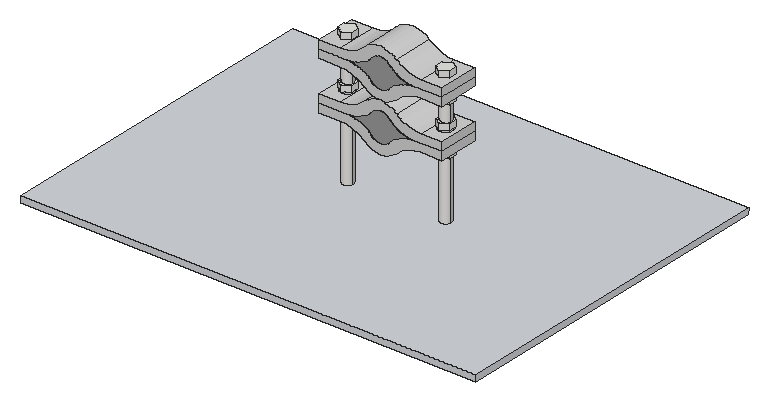
Revit family "КТ8С-Т015-50", category Оборудование, Revit 2018
Family settings
  Основа = Грань
  Размер круглого соединителя = Использовать диаметр
  Классификация = Нет
  Тип детали = Нормальный
  Номер OmniClass = 23.55.00.00
  Заголовок OmniClass = Manufactured Structures
  При загрузке вырезать с полостями = Нет
  Общий = Да
  Точка расчета площади = Нет
Parameters (values of type "Т001523")
  Спец.ТипМаркаОбозначДокумента [instance] = "КТ8С-Т015-50"
  Спец.Примечание [instance] = ""
  Спец.Позиция [instance] = ""
  Спец.НаименованиеИТехнХар [instance] = "KT8С-Т015-50 Кронштейн 8-типа для молниеприемников d-30-50 мм, оцинкованная сталь"
  Спец.МассаТекст [instance] = "1.42"  # constant formula
  Спец.КоличествоДеталей [instance] = 5  # constant formula
  Спец.Количество [instance] = 1  # constant formula
  Спец.КодОборудИзделияМатериала [instance] = "Т001523"
  Спец.Изготовитель [instance] = "АО «ТЭЗИЗ»"  # constant formula
  Спец.ЕдИзм [instance] = "шт."  # constant formula
  Default Elevation = 1219.2 mm
  Мтрл.ТипМатериала = Оцинкованная сталь
  ADSK_Этаж = ""
  ADSK_Примечание = ""
  ADSK_Материал обозначение = ""
  ADSK_Марка = ""
  ADSK_Зона = ""
  ADSK_URL страницы изделия = "http://www.teziz.ru/products.phtml?id=1310"
  ADSK_URL документации изделия = "http://www.teziz.ru/products.phtml?id=1310&p=2"
Types (3, lengths in mm): name | Спец.ТипМаркаОбозначДокумента | Спец.НаименованиеИТехнХар | Спец.КодОборудИзделияМатериала | Мтрл.ТипМатериала
  (no name) | "КТ8С-Т015-50" | "KT8С-Т015-50 Кронштейн 8-типа для молниеприемников d-30-50 мм, оцинкованная сталь" | "Т001523" | Оцинкованная сталь
  Т001518 | "КТ8Н-Т015-50" | "KT8Н-Т015-50 Кронштейн 8-типа для молниеприемников d-30-50 мм, нержавеющая сталь" | "Т001518" | Нержавеющая сталь
  Т001523 | "КТ8С-Т015-50" | "KT8С-Т015-50 Кронштейн 8-типа для молниеприемников d-30-50 мм, оцинкованная сталь" | "Т001523" | Оцинкованная сталь
Reference planes
  plane 1 "По центру (Вперед/Назад)": y = 0
  plane 2: z = 0
  plane 3 "По центру (Влево/Вправо)": x = 0
  plane 4: x = -150
  plane 5: x = 150
  plane 6: y = 150
  plane 7: y = -150
  plane 8: y = 20
  plane 9: y = -20
  plane 10: z = 145
Forms (mm)
  Extrusion 1, solid
    sketch origin (0, 0, 0) x (1, 0, 0) y (0, 1, 0)
      loop
        line (-230, 160) -> (-230, -173.528) -> (216.351, -173.528) -> (216.351, 160) -> (-230, 160)
    from 0 to -6.18
  Extrusion 2, solid, material "Оцинкованная сталь" <- "Мтрл.ТипМатериала"
    sketch origin (0, 0, 0) x (1, 0, 0) y (0, 0, 1)
      loop
        line (-60, 121.061) -> (-33.43, 121.061)
        arc (-33.43, 121.061) -> (-19.2, 124.084) -> (-7.429, 132.632) r 35
        arc (-7.429, 132.632) -> (0, 135.938) -> (7.429, 132.632) r 10
        arc (7.429, 132.632) -> (19.2, 124.084) -> (33.43, 121.061) r 35
        line (33.43, 121.061) -> (60, 121.061) -> (60, 129.061) -> (39.716, 129.061)
        arc (39.716, 129.061) -> (26.827, 131.521) -> (15.749, 138.554) r 35
        arc (15.749, 138.554) -> (0, 144.792) -> (-15.749, 138.554) r 23
        arc (-15.749, 138.554) -> (-26.827, 131.521) -> (-39.716, 129.061) r 35
        line (-39.716, 129.061) -> (-60, 129.061) -> (-60, 121.061)
    from -20 to 20
  Extrusion 3, void
    sketch origin (0, 0, 0) x (1, 0, 0) y (0, 1, 0)
      loop
        circle (48, 0) r 6
      loop
        circle (-48, 0) r 6
    from 0 to 145
  Extrusion 4, solid, material "Сталь болтовая"
    sketch origin (0, 0, 0) x (1, 0, 0) y (0, 1, 0)
      loop
        circle (-48, 0) r 5
      loop
        circle (48, 0) r 5
    from 0 to 129.061
  Extrusion 5, solid, material "Оцинкованная сталь" <- "Мтрл.ТипМатериала"
    sketch origin (0, 0, 242.122) x (1, 0, 0) y (0, 0, 1)
      loop
        line (-60, -121.061) -> (-60, -129.061) -> (-39.716, -129.061)
        arc (-39.716, -129.061) -> (-26.827, -131.521) -> (-15.749, -138.554) r 35
        arc (-15.749, -138.554) -> (0, -144.792) -> (15.749, -138.554) r 23
        arc (15.749, -138.554) -> (26.827, -131.521) -> (39.716, -129.061) r 35
        line (39.716, -129.061) -> (60, -129.061) -> (60, -121.061) -> (33.43, -121.061)
        arc (33.43, -121.061) -> (19.2, -124.084) -> (7.429, -132.632) r 35
        arc (7.429, -132.632) -> (0, -135.938) -> (-7.429, -132.632) r 10
        arc (-7.429, -132.632) -> (-19.2, -124.084) -> (-33.43, -121.061) r 35
        line (-33.43, -121.061) -> (-60, -121.061)
    from -20 to 20
  Extrusion 6, solid, material "Оцинкованная сталь" <- "Мтрл.ТипМатериала"
    sketch origin (0, 0, 194.66) x (1, 0, 0) y (0, 0, 1)
      loop
        line (-60, -121.061) -> (-60, -129.061) -> (-39.716, -129.061)
        arc (-39.716, -129.061) -> (-26.827, -131.521) -> (-15.749, -138.554) r 35
        arc (-15.749, -138.554) -> (0, -144.792) -> (15.749, -138.554) r 23
        arc (15.749, -138.554) -> (26.827, -131.521) -> (39.716, -129.061) r 35
        line (39.716, -129.061) -> (60, -129.061) -> (60, -121.061) -> (33.43, -121.061)
        arc (33.43, -121.061) -> (19.2, -124.084) -> (7.429, -132.632) r 35
        arc (7.429, -132.632) -> (0, -135.938) -> (-7.429, -132.632) r 10
        arc (-7.429, -132.632) -> (-19.2, -124.084) -> (-33.43, -121.061) r 35
        line (-33.43, -121.061) -> (-60, -121.061)
    from -20 to 20
  Extrusion 7, solid, material "Оцинкованная сталь" <- "Мтрл.ТипМатериала"
    sketch origin (0, 0, -47.462) x (1, 0, 0) y (0, 0, 1)
      loop
        line (-60, 121.061) -> (-33.43, 121.061)
        arc (-33.43, 121.061) -> (-19.2, 124.084) -> (-7.429, 132.632) r 35
        arc (-7.429, 132.632) -> (0, 135.938) -> (7.429, 132.632) r 10
        arc (7.429, 132.632) -> (19.2, 124.084) -> (33.43, 121.061) r 35
        line (33.43, 121.061) -> (60, 121.061) -> (60, 129.061) -> (39.716, 129.061)
        arc (39.716, 129.061) -> (26.827, 131.521) -> (15.749, 138.554) r 35
        arc (15.749, 138.554) -> (0, 144.792) -> (-15.749, 138.554) r 23
        arc (-15.749, 138.554) -> (-26.827, 131.521) -> (-39.716, 129.061) r 35
        line (-39.716, 129.061) -> (-60, 129.061) -> (-60, 121.061)
    from -20 to 20
  Extrusion 8, solid, material "Сталь болтовая"
    sketch origin (0, 0, 0) x (1, 0, 0) y (0, 1, 0)
      loop
        line (-48, -8) -> (-41.072, -4) -> (-41.072, 4) -> (-48, 8) -> (-54.928, 4) -> (-54.928, -4) -> (-48, -8)
      loop
        line (48, -8) -> (54.928, -4) -> (54.928, 4) -> (48, 8) -> (41.072, 4) -> (41.072, -4) -> (48, -8)
    from 129.061 to 135.171
  Extrusion 9, solid, material "Сталь болтовая"
    sketch origin (0, 0, -23.109) x (1, 0, 0) y (0, 1, 0)
      loop
        line (-48, -8) -> (-41.072, -4) -> (-41.072, 4) -> (-48, 8) -> (-54.928, 4) -> (-54.928, -4) -> (-48, -8)
      loop
        line (48, -8) -> (54.928, -4) -> (54.928, 4) -> (48, 8) -> (41.072, 4) -> (41.072, -4) -> (48, -8)
      loop
        circle (-48, 0) r 5
      loop
        circle (48, 0) r 5
    from 129.061 to 135.171
  Extrusion 10, solid, material "Сталь болтовая"
    sketch origin (0, 0, -46.462) x (1, 0, 0) y (0, 1, 0)
      loop
        line (-48, -8) -> (-41.072, -4) -> (-41.072, 4) -> (-48, 8) -> (-54.928, 4) -> (-54.928, -4) -> (-48, -8)
      loop
        line (48, -8) -> (54.928, -4) -> (54.928, 4) -> (48, 8) -> (41.072, 4) -> (41.072, -4) -> (48, -8)
      loop
        circle (-48, 0) r 5
      loop
        circle (48, 0) r 5
    from 129.061 to 135.171
  Extrusion 11, solid, material "Сталь болтовая"
    sketch origin (0, 0, -70.572) x (1, 0, 0) y (0, 1, 0)
      loop
        line (-48, -8) -> (-41.072, -4) -> (-41.072, 4) -> (-48, 8) -> (-54.928, 4) -> (-54.928, -4) -> (-48, -8)
      loop
        line (48, -8) -> (54.928, -4) -> (54.928, 4) -> (48, 8) -> (41.072, 4) -> (41.072, -4) -> (48, -8)
      loop
        circle (-48, 0) r 5
      loop
        circle (48, 0) r 5
    from 129.061 to 135.171
  Extrusion 12, solid
    sketch origin (0, 0, 0) x (1, 0, 0) y (0, 1, 0)
      loop
        circle (-48, 0) r 7.173
      loop
        circle (-48, 0) r 5
      loop
        circle (48, 0) r 7.173
      loop
        circle (48, 0) r 5
    from 112.061 to 113.061
  Extrusion 13, solid
    sketch origin (0, 0, -65) x (1, 0, 0) y (0, 1, 0)
      loop
        circle (-48, 0) r 7.173
      loop
        circle (-48, 0) r 5
      loop
        circle (48, 0) r 7.173
      loop
        circle (48, 0) r 5
    from 146.599 to 147.599
  Extrusion 14, solid
    sketch origin (0, 0, -125) x (1, 0, 0) y (0, 1, 0)
      loop
        circle (-48, 0) r 7.173
      loop
        circle (-48, 0) r 5
      loop
        circle (48, 0) r 7.173
      loop
        circle (48, 0) r 5
    from 189.599 to 190.599
  Extrusion 15, solid, material "Прозрачный элемент"
    sketch origin (0, -20, 0) x (1, 0, 0) y (0, 0, 1)
      loop
        arc (7.429, 132.632) -> (0, 135.938) -> (-7.429, 132.632) r 10
        arc (-7.429, 132.632) -> (-19.2, 124.084) -> (-33.43, 121.061) r 35
        arc (-33.43, 121.061) -> (-19.2, 118.038) -> (-7.429, 109.49) r 35
        arc (-7.429, 109.49) -> (0, 106.185) -> (7.429, 109.49) r 10
        arc (7.429, 109.49) -> (19.2, 118.038) -> (33.43, 121.061) r 35
        arc (33.43, 121.061) -> (19.2, 124.084) -> (7.429, 132.632) r 35
      loop
        arc (-7.429, 85.17) -> (-19.2, 76.622) -> (-33.43, 73.599) r 35
        arc (-33.43, 73.599) -> (-19.2, 70.576) -> (-7.429, 62.028) r 35
        arc (-7.429, 62.028) -> (0, 58.722) -> (7.429, 62.028) r 10
        arc (7.429, 62.028) -> (19.2, 70.576) -> (33.43, 73.599) r 35
        arc (33.43, 73.599) -> (19.2, 76.622) -> (7.429, 85.17) r 35
        arc (7.429, 85.17) -> (0, 88.476) -> (-7.429, 85.17) r 10
    from -40 to 0
Cuts and joins
  Extrusion 3 cuts Extrusion 2
  Extrusion 3 cuts Extrusion 7
  Extrusion 3 cuts Extrusion 6
  Extrusion 3 cuts Extrusion 5
  joined: Extrusion 4, Extrusion 8
Lines and regions (mm)
  model lines, style "InvisibleLines"
    curve 1: line (0, -20, 135.938) -> (0, -20, 106.185)
    curve 2: line (0, -20, 88.476) -> (0, -20, 58.722)
    curve 3: line (-60, -20, 121.061) -> (60, -20, 121.061)
    curve 4: line (60, -20, 73.599) -> (-60, -20, 73.599)
    curve 5: line (0, 20, 135.938) -> (0, 20, 106.185)
    curve 6: line (0, 20, 88.476) -> (0, 20, 58.722)
    curve 7: line (-60, 20, 121.061) -> (60, 20, 121.061)
    curve 8: line (60, 20, 73.599) -> (-60, 20, 73.599)
Dimensions and locks
  equal spacing: plane 4, plane 3 "По центру (Влево/Вправо)", plane 5
  equal spacing: plane 6, plane 1 "По центру (Вперед/Назад)", plane 7
  equal spacing: plane 8, plane 1 "По центру (Вперед/Назад)", plane 9
  locked: plane 10 to level at 145
  aligned and locked: plane 2 to Extrusion 1
  aligned and locked: level to Extrusion 1
  aligned and locked: plane 9 to Extrusion 2
  aligned and locked: plane 8 to Extrusion 2
  aligned and locked: Extrusion 4 to level
  aligned and locked: cut or joined group of Extrusion 2, Extrusion 3 to Extrusion 4
  aligned and locked: cut or joined group of Extrusion 2, Extrusion 3 to Extrusion 15
  aligned and locked: Extrusion 15 to cut or joined group of Extrusion 2, Extrusion 3
Automatic sketch dimensions
  Extrusion 1 sketch curve to Extrusion 1 sketch curve = 446.351 mm
  Extrusion 1 sketch curve to Extrusion 1 sketch curve = 333.528 mm
  plane 1 "По центру (Вперед/Назад)" to Extrusion 3 sketch curve = 0 mm  (x2)
  Extrusion 3 sketch curve to plane 3 "По центру (Влево/Вправо)" = 48 mm
  plane 3 "По центру (Влево/Вправо)" to Extrusion 3 sketch curve = 48 mm
  plane 1 "По центру (Вперед/Назад)" to Extrusion 4 sketch curve = 0 mm  (x2)
  Extrusion 4 sketch curve to plane 3 "По центру (Влево/Вправо)" = 48 mm
  plane 3 "По центру (Влево/Вправо)" to Extrusion 4 sketch curve = 48 mm
  Extrusion 8 sketch curve to plane 1 "По центру (Вперед/Назад)" = 4 mm  (x4)
  Extrusion 8 sketch curve to plane 3 "По центру (Влево/Вправо)" = 54.928 mm
  Extrusion 8 sketch curve to plane 1 "По центру (Вперед/Назад)" = 8 mm  (x2)
  Extrusion 8 sketch curve to Extrusion 8 sketch curve = 6.928 mm  (x6)
  plane 1 "По центру (Вперед/Назад)" to Extrusion 8 sketch curve = 8 mm  (x2)
  plane 3 "По центру (Влево/Вправо)" to Extrusion 8 sketch curve = 41.072 mm
  plane 1 "По центру (Вперед/Назад)" to Extrusion 8 sketch curve = 4 mm  (x4)
  Extrusion 9 sketch curve to Extrusion 9 sketch curve = 0 mm  (x6)
  plane 1 "По центру (Вперед/Назад)" to Extrusion 9 sketch curve = 0 mm  (x2)
  plane 1 "По центру (Вперед/Назад)" to Extrusion 9 sketch curve = 4 mm  (x4)
  Extrusion 9 sketch curve to plane 3 "По центру (Влево/Вправо)" = 54.928 mm
  Extrusion 9 sketch curve to Extrusion 9 sketch curve = 6.928 mm  (x6)
  Extrusion 9 sketch curve to plane 1 "По центру (Вперед/Назад)" = 8 mm  (x2)
  plane 1 "По центру (Вперед/Назад)" to Extrusion 9 sketch curve = 8 mm  (x2)
  Extrusion 9 sketch curve to plane 1 "По центру (Вперед/Назад)" = 4 mm  (x4)
  plane 3 "По центру (Влево/Вправо)" to Extrusion 9 sketch curve = 41.072 mm
  Extrusion 9 sketch curve to Extrusion 9 sketch curve = 1.928 mm  (x2)
  Extrusion 10 sketch curve to Extrusion 10 sketch curve = 0 mm  (x6)
  plane 1 "По центру (Вперед/Назад)" to Extrusion 10 sketch curve = 0 mm  (x2)
  plane 1 "По центру (Вперед/Назад)" to Extrusion 10 sketch curve = 4 mm  (x4)
  Extrusion 10 sketch curve to plane 3 "По центру (Влево/Вправо)" = 54.928 mm
  Extrusion 10 sketch curve to Extrusion 10 sketch curve = 6.928 mm  (x6)
  Extrusion 10 sketch curve to plane 1 "По центру (Вперед/Назад)" = 8 mm  (x2)
  plane 1 "По центру (Вперед/Назад)" to Extrusion 10 sketch curve = 8 mm  (x2)
  Extrusion 10 sketch curve to plane 1 "По центру (Вперед/Назад)" = 4 mm  (x4)
  plane 3 "По центру (Влево/Вправо)" to Extrusion 10 sketch curve = 41.072 mm
  Extrusion 10 sketch curve to Extrusion 10 sketch curve = 1.928 mm  (x2)
  Extrusion 11 sketch curve to Extrusion 11 sketch curve = 0 mm  (x6)
  plane 1 "По центру (Вперед/Назад)" to Extrusion 11 sketch curve = 0 mm  (x2)
  plane 1 "По центру (Вперед/Назад)" to Extrusion 11 sketch curve = 4 mm  (x4)
  Extrusion 11 sketch curve to plane 3 "По центру (Влево/Вправо)" = 54.928 mm
  Extrusion 11 sketch curve to Extrusion 11 sketch curve = 6.928 mm  (x6)
  Extrusion 11 sketch curve to plane 1 "По центру (Вперед/Назад)" = 8 mm  (x2)
  plane 1 "По центру (Вперед/Назад)" to Extrusion 11 sketch curve = 8 mm  (x2)
  Extrusion 11 sketch curve to plane 1 "По центру (Вперед/Назад)" = 4 mm  (x4)
  plane 3 "По центру (Влево/Вправо)" to Extrusion 11 sketch curve = 41.072 mm
  Extrusion 11 sketch curve to Extrusion 11 sketch curve = 1.928 mm  (x2)
  Extrusion 12 sketch curve to Extrusion 12 sketch curve = 0 mm  (x4)
  plane 1 "По центру (Вперед/Назад)" to Extrusion 12 sketch curve = 0 mm  (x2)
  Extrusion 12 sketch curve to plane 3 "По центру (Влево/Вправо)" = 48 mm
  plane 3 "По центру (Влево/Вправо)" to Extrusion 12 sketch curve = 48 mm
  Extrusion 13 sketch curve to Extrusion 13 sketch curve = 0 mm  (x4)
  plane 1 "По центру (Вперед/Назад)" to Extrusion 13 sketch curve = 0 mm  (x2)
  Extrusion 13 sketch curve to plane 3 "По центру (Влево/Вправо)" = 48 mm
  plane 3 "По центру (Влево/Вправо)" to Extrusion 13 sketch curve = 48 mm
  Extrusion 14 sketch curve to Extrusion 14 sketch curve = 0 mm  (x4)
  plane 1 "По центру (Вперед/Назад)" to Extrusion 14 sketch curve = 0 mm  (x2)
  Extrusion 14 sketch curve to plane 3 "По центру (Влево/Вправо)" = 48 mm
  plane 3 "По центру (Влево/Вправо)" to Extrusion 14 sketch curve = 48 mm
  Extrusion 2 sketch curve to plane 3 "По центру (Влево/Вправо)" = 0 mm  (x2)
  Extrusion 2 sketch curve to plane 3 "По центру (Влево/Вправо)" = 33.43 mm
  Extrusion 2 sketch curve to Extrusion 2 sketch curve = 6.285 mm  (x2)
  Extrusion 2 sketch curve to Extrusion 2 sketch curve = 20.284 mm  (x2)
  Extrusion 2 sketch curve to plane 10 = 11.061 mm  (x2)
  plane 3 "По центру (Влево/Вправо)" to Extrusion 2 sketch curve = 33.43 mm
  plane 10 to Extrusion 2 sketch curve = 15.939 mm  (x2)
  plane 10 to Extrusion 2 sketch curve = 19.062 mm
  Extrusion 2 sketch curve to Extrusion 2 sketch curve = 4.146 mm
  Extrusion 2 sketch curve to Extrusion 2 sketch curve = 8 mm  (x4)
  Extrusion 2 sketch curve to Extrusion 2 sketch curve = 0 mm  (x2)
  Extrusion 5 sketch curve to plane 3 "По центру (Влево/Вправо)" = 0 mm  (x2)
  plane 3 "По центру (Влево/Вправо)" to Extrusion 5 sketch curve = 33.43 mm
  Extrusion 5 sketch curve to Extrusion 5 sketch curve = 6.285 mm  (x2)
  Extrusion 5 sketch curve to Extrusion 5 sketch curve = 20.284 mm  (x2)
  Extrusion 5 sketch curve to plane 3 "По центру (Влево/Вправо)" = 33.43 mm
  Extrusion 5 sketch curve to plane 10 = 23.939 mm  (x2)
  Extrusion 5 sketch curve to plane 10 = 24.67 mm
  Extrusion 5 sketch curve to Extrusion 5 sketch curve = 4.146 mm
  Extrusion 5 sketch curve to Extrusion 5 sketch curve = 8 mm  (x4)
  Extrusion 5 sketch curve to Extrusion 5 sketch curve = 27 mm  (x2)
  Extrusion 5 sketch curve to Extrusion 5 sketch curve = 0 mm  (x2)
  Extrusion 6 sketch curve to plane 3 "По центру (Влево/Вправо)" = 0 mm  (x2)
  plane 3 "По центру (Влево/Вправо)" to Extrusion 6 sketch curve = 33.43 mm
  Extrusion 6 sketch curve to Extrusion 6 sketch curve = 6.285 mm  (x2)
  Extrusion 6 sketch curve to Extrusion 6 sketch curve = 20.284 mm  (x2)
  Extrusion 6 sketch curve to plane 3 "По центру (Влево/Вправо)" = 33.43 mm
  Extrusion 6 sketch curve to plane 10 = 71.401 mm  (x2)
  Extrusion 6 sketch curve to Extrusion 6 sketch curve = 0.731 mm
  Extrusion 6 sketch curve to Extrusion 6 sketch curve = 4.146 mm
  Extrusion 6 sketch curve to Extrusion 6 sketch curve = 8 mm  (x4)
  Extrusion 6 sketch curve to Extrusion 6 sketch curve = 27 mm  (x2)
  Extrusion 6 sketch curve to Extrusion 6 sketch curve = 0 mm  (x2)
  Extrusion 7 sketch curve to plane 3 "По центру (Влево/Вправо)" = 0 mm  (x2)
  Extrusion 7 sketch curve to plane 3 "По центру (Влево/Вправо)" = 33.43 mm
  Extrusion 7 sketch curve to Extrusion 7 sketch curve = 6.285 mm  (x2)
  Extrusion 7 sketch curve to Extrusion 7 sketch curve = 20.284 mm  (x2)
  plane 3 "По центру (Влево/Вправо)" to Extrusion 7 sketch curve = 33.43 mm
  plane 10 to Extrusion 7 sketch curve = 71.401 mm  (x2)
  Extrusion 7 sketch curve to Extrusion 7 sketch curve = 0.731 mm
  Extrusion 7 sketch curve to Extrusion 7 sketch curve = 4.146 mm
  Extrusion 7 sketch curve to Extrusion 7 sketch curve = 8 mm  (x4)
  Extrusion 7 sketch curve to Extrusion 7 sketch curve = 27 mm  (x2)
  Extrusion 7 sketch curve to Extrusion 7 sketch curve = 0 mm  (x2)
  curve 3 to Extrusion 2 = 0 mm  (x2)
  Extrusion 2 to curve 3 = 0 mm
  Extrusion 2 to curve 4 = 0 mm  (x2)
  curve 2 to Extrusion 2 = 60 mm
  curve 1 to curve 2 = 0 mm
  Extrusion 2 to curve 1 = 14.877 mm
  curve 2 to curve 1 = 17.709 mm
  curve 2 to curve 2 = 29.753 mm
  Extrusion 2 to curve 1 = 6.877 mm
  Extrusion 2 to curve 4 = 47.462 mm
  curve 7 to Extrusion 2 = 0 mm
  Extrusion 2 to curve 7 = 120 mm
  Extrusion 2 to curve 8 = 120 mm
  curve 8 to curve 6 = 60 mm
  curve 5 to curve 6 = 0 mm
  curve 6 to curve 8 = 60 mm
  curve 7 to curve 8 = 0 mm
  curve 5 to Extrusion 2 = 14.877 mm
  curve 6 to curve 5 = 17.709 mm
  curve 8 to Extrusion 2 = 47.462 mm
  curve 6 to curve 6 = 29.753 mm
  curve 5 to Extrusion 2 = 6.877 mm
  Extrusion 15 sketch curve to Extrusion 2 = 0 mm  (x3)
  Extrusion 15 sketch curve to Extrusion 2 = 26.57 mm  (x5)
  Extrusion 2 to Extrusion 15 sketch curve = 4.877 mm
  Extrusion 15 sketch curve to Extrusion 15 sketch curve = 33.43 mm
  Extrusion 2 to Extrusion 15 sketch curve = 35 mm
  Extrusion 2 to Extrusion 15 sketch curve = 3.571 mm  (x2)
  Extrusion 15 sketch curve to Extrusion 15 sketch curve = 0 mm  (x6)
  Extrusion 15 sketch curve to Extrusion 15 sketch curve = 7.429 mm  (x7)
  Extrusion 15 sketch curve to Extrusion 2 = 3.123 mm
  Extrusion 15 sketch curve to Extrusion 15 sketch curve = 31.015 mm
  Extrusion 15 sketch curve to Extrusion 15 sketch curve = 9.753 mm
  Extrusion 15 sketch curve to Extrusion 15 sketch curve = 30.123 mm
  Extrusion 15 sketch curve to Extrusion 15 sketch curve = 6.694 mm
  Extrusion 2 to Extrusion 15 sketch curve = 12.462 mm  (x2)
  radius of Extrusion 3 sketch curve = 6 mm  (x2)
  radius of Extrusion 4 sketch curve = 5 mm  (x2)
  radius of Extrusion 12 sketch curve = 7.173 mm  (x2)
  radius of Extrusion 12 sketch curve = 5 mm  (x2)
  radius of Extrusion 13 sketch curve = 7.173 mm  (x2)
  radius of Extrusion 13 sketch curve = 5 mm  (x2)
  radius of Extrusion 14 sketch curve = 7.173 mm  (x2)
  radius of Extrusion 14 sketch curve = 5 mm  (x2)
  radius of Extrusion 15 sketch curve to Extrusion 2 = 0 mm
